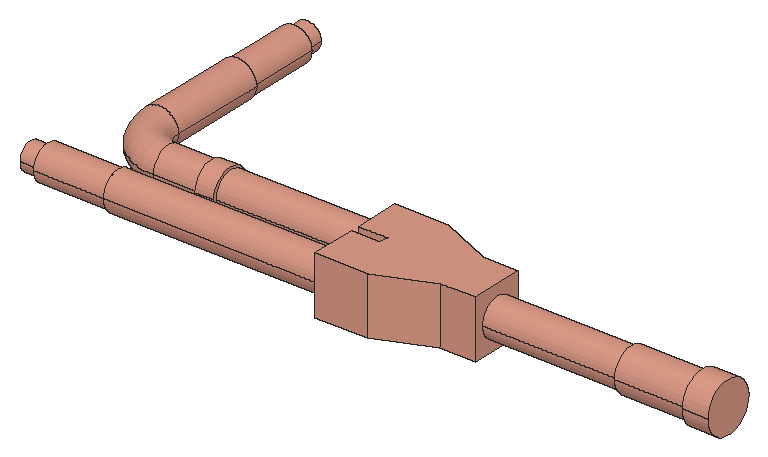
Revit family "outputfile", category 配管付属品, Revit 2024
Family settings
  丸型コネクタ寸法 = 半径を使用
  パーツ タイプ = 標準
  OmniClass 番号 = 23.65.55.00
  OmniClass タイトル = Distribution of Supplied Liquids/Gases
  作業面ベース = いいえ
  常に垂直 = はい
  ロード時にボイドで切り取り = いいえ
  共有 = いいえ
Parameters (values of type "BHFP22MA84_(2)")
  Description = ""
  製造元 = "Daikin"
  書き出し IFC クラス(タイプ) = "IfcPipeFittingType"
  Default Elevation = 0.0 mm
  定義済み IFC タイプ(タイプ) = "JUNCTION"
  Cost = 0
  モデル = "BHFP22MA84_(2)"
  Type Comments = ""
  Keynote = ""
  Type Image = (empty or 0)
  Assembly Code = ""
  table_PipeToCU_B [instance] = if(mm⇔inch, "Multi Module Kit_BHFP22MA-_Liquid_PipeToCU_B", "Multi Module Kit_BHFP22MA-_Liquid_PipeToCU_B_inch")  # "Multi Module Kit_BHFP22MA-_Liquid_PipeToCU_B"
  table_PipeToCU_A [instance] = if(mm⇔inch, "Multi Module Kit_BHFP22MA-_Liquid_PipeToCU_A", "Multi Module Kit_BHFP22MA-_Liquid_PipeToCU_A_inch")  # "Multi Module Kit_BHFP22MA-_Liquid_PipeToCU_A"
  table_ToMainPipe [instance] = if(mm⇔inch, "Multi Module Kit_BHFP22MA-_Liquid_ToMainPipe", "Multi Module Kit_BHFP22MA-_Liquid_ToMainPipe_inch")  # "Multi Module Kit_BHFP22MA-_Liquid_ToMainPipe"
  switch_ToMainPipe3 [instance] = if(number_ToMainPipe < 3, 1 = 0, 1 = 1)  # no
  switch_PipeToCU_B Reducer [instance] = if(and(Is_PipeToCU_B Reducer = 1, judge_IsOffsetPipe_ToOutdoorUnitB = 0), 1 = 1, 1 = 0)  # no
  switch_PipeToCU_B4 [instance] = if(number_PipeToCU_B < 4, 1 = 0, 1 = 1)  # no
  switch_PipeToCU_B3 [instance] = if(number_PipeToCU_B < 3, 1 = 0, 1 = 1)  # no
  switch_PipeToCU_B2 [instance] = if(number_PipeToCU_B < 2, 1 = 0, 1 = 1)  # yes
  switch_PipeToCU_A Reducer [instance] = if(Is_PipeToCU_A Reducer = 1, 1 = 1, 1 = 0)  # yes
  switch_ToMainPipe Reducer [instance] = if(Is_ToMainPipe Reducer = 1, 1 = 1, 1 = 0)  # no
  switch_ToMainPipe2 [instance] = if(number_ToMainPipe < 2, 1 = 0, 1 = 1)  # yes
  r_PipeToCU_B_ActualDiameter [instance] = PipeToCU_B_Liquid_ActualDiameter / 2  # 4.75 mm
  r_PipeToCU_A_ActualDiameter [instance] = PipeToCU_A_Liquid_ActualDiameter / 2  # 4.75 mm
  r_ToMainPipe_ActualDiameter [instance] = ToMainPipe_Liquid_ActualDiameter / 2  # 9.55 mm
  number_PipeToCU_B ReducerPipe [instance] = size_lookup(table_PipeToCU_B, "reducerPipeNumber", 0, モデル, judge_IsOffsetPipe_ToOutdoorUnitB, PipeToCU_B_Liquid_ActualDiameter)  # 0
  number_PipeToCU_B [instance] = size_lookup(table_PipeToCU_B, "pipeNumber", 2, モデル, judge_IsOffsetPipe_ToOutdoorUnitB, PipeToCU_B_Liquid_ActualDiameter)  # 2
  number_PipeToCU_A ReducerPipe [instance] = size_lookup(table_PipeToCU_A, "reducerPipeNumber", 3, モデル, PipeToCU_A_Liquid_ActualDiameter)  # 3
  number_ToMainPipe [instance] = size_lookup(table_ToMainPipe, "pipeNumber", 3, モデル, ToMainPipe_Liquid_ActualDiameter)  # 2
  mm⇔inch [instance] = yes
  l_ToMainPipe3 [instance] = size_lookup(table_ToMainPipe, "L_Pipe3", 11.0 mm, モデル)  # 2.0 mm
  judge_IsOffsetPipe_ToOutdoorUnitB [instance] = 0  # constant formula
  Unit Type = "BHFP22MA-_Liquid"
  Uniclass2015Version = "Products v1.31"
  Uniclass2015Title = "Copper pipe fittings"
  Uniclass2015Code = "Pr_65_52_63_18"
  URL = ""
  ToMainPipe_Liquid_Status [instance] = size_lookup(table_ToMainPipe, "Information", "The connected pipe size is not available.", モデル, ToMainPipe_Liquid_ActualDiameter)  # "Default connector size is used."
  ToMainPipe_Liquid_ActualDiameter [instance] = 19.1 mm
  Tag No. [instance] = ""
  Series = "Multi Module kit"
  PipeToCU_B_Liquid_Status [instance] = size_lookup(table_PipeToCU_B, "Information", "The connected pipe size is not available.", モデル, judge_IsOffsetPipe_ToOutdoorUnitB, PipeToCU_B_Liquid_ActualDiameter)  # "Default connector size is used."
  PipeToCU_B_Liquid_ActualDiameter [instance] = 9.5 mm
  PipeToCU_A_Liquid_Status [instance] = size_lookup(table_PipeToCU_A, "Information", "The connected pipe size is not available.", モデル, PipeToCU_A_Liquid_ActualDiameter)  # "Reducer is used at connector."
  PipeToCU_A_Liquid_ActualDiameter [instance] = 9.5 mm
  O.D_PipeToCU_B Reducer [instance] = size_lookup(table_PipeToCU_B, "O.D_reducer", 2.0 mm, モデル, judge_IsOffsetPipe_ToOutdoorUnitB, PipeToCU_B_Liquid_ActualDiameter)  # 2.0 mm
  Material_Piping = DAIKIN_Copper_Pipe
  Material_Insulation = DAIKIN_White_Insulation
  location_PipeToCU_A connector [instance] = size_lookup(table_PipeToCU_A, "Locationconnector", 107.0 mm, モデル, PipeToCU_A_Liquid_ActualDiameter)  # 107.0 mm
  l_PipeToCU_B connector [instance] = size_lookup(table_PipeToCU_B, "Length", 128.0 mm, モデル, judge_IsOffsetPipe_ToOutdoorUnitB, PipeToCU_B_Liquid_ActualDiameter)  # 128.0 mm
  l_PipeToCU_B Reducer [instance] = 80.0 mm  # constant formula
  l_PipeToCU_B4 [instance] = size_lookup(table_PipeToCU_B, "L_Pipe4", 2.0 mm, モデル)  # 2.0 mm
  l_PipeToCU_B3 [instance] = size_lookup(table_PipeToCU_B, "L_Pipe3", 2.0 mm, モデル)  # 2.0 mm
  l_PipeToCU_B2 [instance] = size_lookup(table_PipeToCU_B, "L_Pipe2", 7.0 mm, モデル)  # 7.0 mm
  l_PipeToCU_B1 [instance] = size_lookup(table_PipeToCU_B, "L_Pipe1", 30.0 mm, モデル)  # 30.0 mm
  l_PipeToCU_B0 [instance] = size_lookup(table_PipeToCU_B, "L_Pipe0", 91.0 mm, モデル)  # 91.0 mm
  l_PipeToCU_A connector [instance] = size_lookup(table_PipeToCU_A, "Length", 97.0 mm, モデル, PipeToCU_A_Liquid_ActualDiameter)  # 97.0 mm
  l_PipeToCU_A1 [instance] = size_lookup(table_PipeToCU_A, "L_Pipe1", 8.0 mm, モデル)  # 8.0 mm
  l_PipeToCU_A0 [instance] = size_lookup(table_PipeToCU_A, "L_Pipe0", 62.0 mm, モデル)  # 62.0 mm
  l_ToMainPipe connector [instance] = size_lookup(table_ToMainPipe, "Length", 128.0 mm, モデル, ToMainPipe_Liquid_ActualDiameter)  # 98.0 mm
  l_ToMainPipe Reducer [instance] = size_lookup(table_ToMainPipe, "L_Reducer", 2.0 mm, モデル, ToMainPipe_Liquid_ActualDiameter)  # 2.0 mm
  l_ToMainPipe2 [instance] = size_lookup(table_ToMainPipe, "L_Pipe2", 30.0 mm, モデル)  # 11.0 mm
  l_ToMainPipe1 [instance] = size_lookup(table_ToMainPipe, "L_Pipe1", 30.0 mm, モデル)  # 30.0 mm
  l_ToMainPipe0 [instance] = size_lookup(table_ToMainPipe, "L_Pipe0", 57.0 mm, モデル)  # 57.0 mm
  judge_JointType(1or2) = 2
  count_PipeToCU_B Reducer [instance] = 0  # constant formula
  count_PipeToCU_A Reducer [instance] = size_lookup(table_PipeToCU_A, "reducerCount", 1, モデル, PipeToCU_A_Liquid_ActualDiameter)  # 1
  angle_PipeToCU_A Pipe [instance] = if([RotateBranchPipetoCU_A_-90°], 270.00°, 0.00°)  # 0.00°
  angle_PipeToCU_A Connector [instance] = angle_PipeToCU_A Pipe + 90.00°  # 90.00°
  PipeToCU_B_Liquid_AvailableDiameter [instance] = size_lookup(table_PipeToCU_B, "sizeVariation", "", モデル, judge_IsOffsetPipe_ToOutdoorUnitB)  # "9.5/12.7mm"
  PipeToCU_A_Liquid_AvailableDiameter [instance] = size_lookup(table_PipeToCU_A, "sizeVariation", "", モデル)  # "9.5/12.7mm"
  ToMainPipe_Liquid_AvailableDiameter [instance] = size_lookup(table_ToMainPipe, "sizeVariation", "", モデル)  # "15.9/19.1mm"
  RotateBranchPipetoCU_A_-90° [instance] = no
  O.D_ToMainPipe Reducer [instance] = size_lookup(table_ToMainPipe, "O.D_reducer", 2.0 mm, モデル, ToMainPipe_Liquid_ActualDiameter)  # 2.0 mm
  Link_Nested Family [instance] = ""
  Is_PipeToCU_B Reducer [instance] = size_lookup(table_PipeToCU_B, "IsReducer", 0, モデル, judge_IsOffsetPipe_ToOutdoorUnitB, PipeToCU_B_Liquid_ActualDiameter)  # 0
  Is_PipeToCU_A Reducer [instance] = size_lookup(table_PipeToCU_A, "IsReducer", 1, モデル, PipeToCU_A_Liquid_ActualDiameter)  # 1
  Is_ToMainPipe Reducer [instance] = size_lookup(table_ToMainPipe, "IsReducer", 0, モデル, ToMainPipe_Liquid_ActualDiameter)  # 0
  IfcVersion = ""
  IfcExportType = "JUNCTION"
  IfcExportAs = "IfcPipeFittingType"
  I.D_ToMainPipe3 [instance] = size_lookup(table_ToMainPipe, "I.D_PipeSize3", 22.2 mm, モデル)  # 2.0 mm
  I.D_PipeToCU_B Reducer [instance] = size_lookup(table_PipeToCU_B, "I.D_reducer", 2.0 mm, モデル, judge_IsOffsetPipe_ToOutdoorUnitB, PipeToCU_B_Liquid_ActualDiameter)  # 2.0 mm
  Attach_Insulation [instance] = no
  I.D_PipeToCU_B4 [instance] = size_lookup(table_PipeToCU_B, "I.D_PipeSize4", 2.0 mm, モデル)  # 2.0 mm
  I.D_PipeToCU_B3 [instance] = size_lookup(table_PipeToCU_B, "I.D_PipeSize3", 2.0 mm, モデル)  # 2.0 mm
  I.D_PipeToCU_B2 [instance] = size_lookup(table_PipeToCU_B, "I.D_PipeSize2", 9.5 mm, モデル)  # 9.5 mm
  I.D_PipeToCU_B1 [instance] = size_lookup(table_PipeToCU_B, "I.D_PipeSize1", 12.7 mm, モデル)  # 12.7 mm
  I.D_PipeToCU_B0 [instance] = size_lookup(table_PipeToCU_B, "I.D_PipeSize0", 13.9 mm, モデル)  # 13.9 mm
  I.D_PipeToCU_A1 [instance] = 15.5 mm  # constant formula
  I.D_PipeToCU_A0 [instance] = 13.9 mm  # constant formula
  I.D_ToMainPipe Reducer [instance] = size_lookup(table_ToMainPipe, "I.D_reducer", 2.0 mm, モデル, ToMainPipe_Liquid_ActualDiameter)  # 2.0 mm
  I.D_ToMainPipe2 [instance] = size_lookup(table_ToMainPipe, "I.D_PipeSize2", 19.1 mm, モデル)  # 19.1 mm
  I.D_ToMainPipe1 [instance] = size_lookup(table_ToMainPipe, "I.D_PipeSize1", 15.9 mm, モデル)  # 15.9 mm
  I.D_ToMainPipe0 [instance] = size_lookup(table_ToMainPipe, "I.D_PipeSize0", 13.9 mm, モデル)  # 13.9 mm
Reference planes
  plane 1 "Center (Front/Back)": y = 0
  plane 2: z = 0
  plane 3 "pipe2": x = 225.65
  plane 4: x = 214.65
  plane 5: x = 184.65
  plane 6: x = 127.65
  plane 7: x = 67.65
  plane 8: x = -2.35
  plane 9: x = -23.35
  plane 10: x = -53.35
  plane 11: x = -60.35
  plane 12: x = -62.35
  plane 13: x = -64.35
  plane 14 "offset_center": y = 11.5
  plane 15: y = -11.5
  plane 16: x = 5.65
  plane 17: x = 177.65
  plane 18 "ToMainPipe_connector": x = 225.65
  plane 19 "connector_OutdoorunitA": x = -39.35
  plane 20 "connector_ToOutdoorUnitB": x = -104.35
  plane 21 "pipe3": x = 227.65
  plane 22 "connector_PipeToCU_B": x = -60.35
Forms (mm)
  Extrusion 1, solid, material "DAIKIN_Copper_Pipe" <- "Material_Piping"
    sketch origin (0, 0, 0) x (1, 0, 0) y (0, 1, 0)
      loop
        line (67.65, 1.998) -> (79.65, 1.998) -> (79.65, -1.998) -> (67.65, -1.998) -> (67.65, -21.2) -> (89.801, -21.2) -> (112.65, -11.3) -> (127.65, -11.3) -> (127.65, 11.3) -> (112.65, 11.3) -> (89.801, 21.2) -> (67.65, 21.2) -> (67.65, 1.998)
    from -12.2 to 12.2
Dimensions and locks
  locked: plane 6 to plane 17 at 50
  "l_PipeToCU_A1": plane 8 to plane 16
  "l_PipeToCU_B1": plane 10 to plane 9
  "l_PipeToCU_B2": plane 11 to plane 10
  "l_PipeToCU_B3": plane 12 to plane 11
  "l_PipeToCU_B4": plane 13 to plane 12
  locked: plane 7 to plane 6 at 60
  "l_ToMainPipe1": plane 5 to plane 4
  "l_ToMainPipe2": plane 4 to plane 3 "pipe2"
  "l_ToMainPipe0": plane 6 to plane 5
  "l_ToMainPipe connector": plane 6 to plane 18 "ToMainPipe_connector"
  plane 14 "offset_center" to plane 1 "Center (Front/Back)" to plane 15 = 11.5 mm locked, 11.5 mm locked
  locked: plane 1 "Center (Front/Back)" to Extrusion 1 sketch curve at 11.3  (x2)
  locked: Extrusion 1 sketch curve to plane 1 "Center (Front/Back)" at 21.2
  locked: plane 1 "Center (Front/Back)" to Extrusion 1 sketch curve at 21.2
  "l_PipeToCU_A0": plane 16 to plane 7
  "location_PipeToCU_A connector": plane 19 "connector_OutdoorunitA" to plane 7
  "l_PipeToCU_B0": plane 9 to plane 7
  "l_ToMainPipe3": plane 3 "pipe2" to plane 21 "pipe3"
  "l_PipeToCU_B connector": plane 22 "connector_PipeToCU_B" to plane 7
  aligned and locked: level to plane 2
  aligned and locked: plane 2 to nested 1
  aligned and locked: plane 1 "Center (Front/Back)" to nested 1
  aligned and locked: plane 3 "pipe2" to nested 1
  aligned and locked: plane 4 to nested 1
  aligned and locked: plane 4 to nested 2
  aligned and locked: plane 5 to nested 2
  aligned and locked: plane 5 to nested 3
  aligned and locked: plane 6 to nested 3
  aligned and locked: plane 6 to Extrusion 1
  aligned and locked: Extrusion 1 to plane 7  (x2)
  aligned and locked: plane 7 to nested 4
  aligned and locked: plane 8 to nested 5
  aligned and locked: plane 16 to nested 5
  aligned and locked: nested 5 to plane 14 "offset_center"
  aligned and locked: nested 6 to plane 15
  aligned and locked: plane 7 to nested 6
  aligned and locked: plane 9 to nested 6
  aligned and locked: plane 10 to nested 7
  aligned and locked: plane 9 to nested 7
  aligned and locked: plane 11 to nested 8
  aligned and locked: plane 10 to nested 8
  aligned and locked: plane 12 to nested 9
  aligned and locked: plane 11 to nested 9
  aligned and locked: plane 13 to nested 10
  aligned and locked: plane 12 to nested 10
  aligned and locked: nested 10 to plane 15
  aligned and locked: nested 9 to plane 15
  aligned and locked: nested 8 to plane 15
  aligned and locked: nested 7 to plane 15
  aligned and locked: plane 1 "Center (Front/Back)" to nested 11
  aligned and locked: plane 17 to nested 11
  aligned and locked: plane 16 to nested 4
  aligned and locked: nested 12 to plane 14 "offset_center"
  aligned and locked: plane 8 to nested 12
  aligned and locked: plane 1 "Center (Front/Back)" to nested 13
  aligned and locked: plane 18 "ToMainPipe_connector" to nested 13
  aligned and locked: plane 6 to nested 14
  aligned and locked: plane 1 "Center (Front/Back)" to nested 3
  aligned and locked: plane 14 "offset_center" to nested 15
  aligned and locked: nested 15 to plane 19 "connector_OutdoorunitA"
  aligned and locked: nested 16 to plane 7
  aligned and locked: nested 4 to plane 14 "offset_center"
  aligned and locked: plane 3 "pipe2" to nested 17
  aligned and locked: plane 21 "pipe3" to nested 17
  aligned and locked: nested 16 to plane 15
  aligned and locked: nested 18 to plane 22 "connector_PipeToCU_B"
  aligned and locked: plane 15 to nested 18
Automatic sketch dimensions
  Extrusion 1 sketch curve to plane 7 = 0.0 mm  (x2)
  Extrusion 1 sketch curve to plane 6 = 0.0 mm
  Extrusion 1 sketch curve to plane 1 "Center (Front/Back)" = 1.998 mm
  plane 7 to Extrusion 1 sketch curve = 12.0 mm
  Extrusion 1 sketch curve to Extrusion 1 sketch curve = 10.151 mm  (x2)
  Extrusion 1 sketch curve to Extrusion 1 sketch curve = 15.0 mm  (x2)
  plane 1 "Center (Front/Back)" to Extrusion 1 sketch curve = 1.998 mm
Nested families
  nested 1: "daikin_Pipe" at (220.15, 0, 0), I.D_Pipe <- "I.D_ToMainPipe2", display <- "switch_ToMainPipe2", type "*"
    with length_Pipe 11.0 mm, display yes, O.D_Pipe 21.1 mm, I.D_Pipe 19.1 mm
  nested 2: "daikin_Pipe" at (199.65, 0, 0), I.D_Pipe <- "I.D_ToMainPipe1", type "*"
    with length_Pipe 30.0 mm, display yes, O.D_Pipe 17.9 mm, I.D_Pipe 15.9 mm
  nested 3: "daikin_Pipe" at (156.15, 0, 0), I.D_Pipe <- "I.D_ToMainPipe0", type "*"
    with length_Pipe 57.0 mm, display yes, O.D_Pipe 15.9 mm, I.D_Pipe 13.9 mm
  nested 4: "daikin_Pipe" at (36.65, 11.5, 0), I.D_Pipe <- "I.D_PipeToCU_A0", type "*"
    with length_Pipe 62.0 mm, display yes, O.D_Pipe 15.9 mm, I.D_Pipe 13.9 mm
  nested 5: "daikin_Pipe" at (1.65, 11.5, 0), I.D_Pipe <- "I.D_PipeToCU_A1", type "*"
    with length_Pipe 8.0 mm, display yes, O.D_Pipe 17.5 mm, I.D_Pipe 15.5 mm
  nested 6: "daikin_Pipe" at (22.15, -11.5, 0), I.D_Pipe <- "I.D_PipeToCU_B0", type "*"
    with length_Pipe 91.0 mm, display yes, O.D_Pipe 15.9 mm, I.D_Pipe 13.9 mm
  nested 7: "daikin_Pipe" at (-38.35, -11.5, 0), I.D_Pipe <- "I.D_PipeToCU_B1", type "*"
    with length_Pipe 30.0 mm, display yes, O.D_Pipe 14.7 mm, I.D_Pipe 12.7 mm
  nested 8: "daikin_Pipe" at (-56.85, -11.5, 0), I.D_Pipe <- "I.D_PipeToCU_B2", display <- "switch_PipeToCU_B2", type "*"
    with length_Pipe 7.0 mm, display yes, O.D_Pipe 11.5 mm, I.D_Pipe 9.5 mm
  nested 9: "daikin_Pipe" at (-61.35, -11.5, 0), display <- "switch_PipeToCU_B3", I.D_Pipe <- "I.D_PipeToCU_B3", visible <- "switch_PipeToCU_B3", type "*"
    with length_Pipe 2.0 mm, display no, O.D_Pipe 4.0 mm, I.D_Pipe 2.0 mm
  nested 10: "daikin_Pipe" at (-63.35, -11.5, 0), display <- "switch_PipeToCU_B4", I.D_Pipe <- "I.D_PipeToCU_B4", visible <- "switch_PipeToCU_B4", type "*"
    with length_Pipe 2.0 mm, display no, O.D_Pipe 4.0 mm, I.D_Pipe 2.0 mm
  nested 11: "daikin_MultiModeluKit_Insulation" at (177.65, 0, 0), display <- "Attach_Insulation", type "*"
    with h 54.2 mm, display no, I.D_Outlet PipeSize 22.2 mm
  nested 12: "daikin_Multi Module kit_Reducer90_rotate" at (-2.35, 11.5, 0), number_reducerPipe <- "number_PipeToCU_A ReducerPipe", angle_Pipe <- "angle_PipeToCU_A Pipe", I.D_Pipe <- "PipeToCU_A_Liquid_ActualDiameter", count_Reducer <- "count_PipeToCU_A Reducer", type "*"
    with number_reducerPipe 3, display_Pipe2 yes, display_Pipe1 yes, count_Reducer 1, angle_Pipe 0.00°, I.D_Pipe 9.5 mm
  nested 13: "daikin_Pipe_reducer" at (224.65, 0, 0), I.D_Pipe1 <- "I.D_ToMainPipe Reducer", O.D_Pipe2 <- "O.D_ToMainPipe Reducer", length_Pipe <- "l_ToMainPipe Reducer", display <- "switch_ToMainPipe Reducer", type "*"
    with length_Pipe 2.0 mm, display no, O.D_Pipe2 2.0 mm, O.D_Pipe1 4.0 mm, I.D_Pipe2 0.0 mm, I.D_Pipe1 2.0 mm
  nested 14: "daikin_connector_rotate3" at (127.65, 0, 0) x (0, 1, 0) z (0, 0, 1), length <- "l_ToMainPipe connector", type "daikin_connector_rotate3"
    with radius 10.0 mm, length 98.0 mm, angle_vertical 90.00°, angle_horizontal 0.00°
  nested 15: "daikin_connector_rotate3" at (-39.35, 11.5, 0) x (-1, 0, 0) z (0, 0, 1), length <- "l_PipeToCU_A connector", angle_vertical <- "angle_PipeToCU_A Connector", type "daikin_connector_rotate3"
    with radius 10.0 mm, length 97.0 mm, angle_vertical 90.00°, angle_horizontal 0.00°
  nested 16: "daikin_connector_rotate3" at (67.65, -11.5, 0) x (0, -1, 0) z (0, 0, 1), length <- "l_PipeToCU_B connector", type "daikin_connector_rotate3"
    with radius 10.0 mm, length 128.0 mm, angle_vertical 90.00°, angle_horizontal 0.00°
  nested 17: "daikin_Pipe" at (226.65, 0, 0), display <- "switch_ToMainPipe3", I.D_Pipe <- "I.D_ToMainPipe3", type "*"
    with length_Pipe 2.0 mm, display no, O.D_Pipe 4.0 mm, I.D_Pipe 2.0 mm
  nested 18: "daikin_Pipe_reducer" at (-20.35, -11.5, 0) x (-1, 0, 0) z (0, 0, 1), length_Pipe <- "l_PipeToCU_B Reducer", I.D_Pipe1 <- "I.D_PipeToCU_B Reducer", O.D_Pipe2 <- "O.D_PipeToCU_B Reducer", display <- "switch_PipeToCU_B Reducer", type "*"
    with length_Pipe 80.0 mm, display no, O.D_Pipe2 2.0 mm, O.D_Pipe1 4.0 mm, I.D_Pipe2 0.0 mm, I.D_Pipe1 2.0 mm
Connectors
  piping at (225.65, 0, 0), diameter 19.1, driven by "r_ToMainPipe_ActualDiameter"
    settings: on nested 14, index 1, connector inside diameter 609.6 mm, connector length 0.0 mm, flow factor 0, pipe flow 0.00 m³/h, pressure drop 0.0 Pa, fitting loss kfactor 0, connector angle 0.00°, fixture units 0, engagement length 0.0 mm, angle of deflection 0.00°, flow configuration 0, flow direction 2, fitting loss method 0, system type 29, joint type 0, gender type 0, connector reference index -1, connector utility 0, adjustable connector no, is connector primary yes, connector description "Multi Module kit_to Main Pipe_Liquid"
  piping at (-39.35, 108.5, 0), diameter 9.5, driven by "r_PipeToCU_A_ActualDiameter"
    settings: on nested 15, index 2, connector inside diameter 609.6 mm, connector length 0.0 mm, flow factor 0, pipe flow 0.00 m³/h, pressure drop 0.0 Pa, fitting loss kfactor 0, connector angle 0.00°, fixture units 0, engagement length 0.0 mm, angle of deflection 0.00°, flow configuration 0, flow direction 1, fitting loss method 0, system type 29, joint type 0, gender type 0, connector reference index -1, connector utility 0, adjustable connector no, is connector primary no, connector description "Multi Module kit_Piping to CU-A_Liquid"
  piping at (-60.35, -11.5, 0), diameter 9.5, driven by "r_PipeToCU_B_ActualDiameter"
    settings: on nested 16, index 3, connector inside diameter 609.6 mm, connector length 0.0 mm, flow factor 0, pipe flow 0.00 m³/h, pressure drop 0.0 Pa, fitting loss kfactor 0, connector angle 0.00°, fixture units 0, engagement length 0.0 mm, angle of deflection 0.00°, flow configuration 0, flow direction 1, fitting loss method 0, system type 29, joint type 0, gender type 0, connector reference index -1, connector utility 0, adjustable connector no, is connector primary no, connector description "Multi Module kit_Piping to CU-B_Liquid"
Definition of nested family "daikin_Pipe"
  Parameters (values of type "*")
    Default Elevation = 0.0 mm
    material = none
    length_Pipe [instance] = 150.0 mm
    display [instance] = yes
    O.D_Pipe [instance] = I.D_Pipe + 2.0 mm  # 27.0 mm
    I.D_Pipe [instance] = 25.0 mm
  Reference planes
    plane 1 "Center (Front/Back)": y = 0
    plane 2 "center(vertical)": z = 0
    plane 3 "Center (Left/Right)": x = 0
    plane 4 "left": x = -75
    plane 5 "right": x = 75
  Forms (mm)
    Extrusion 1, solid, material <- "material", visible <- "display"
      sketch origin (0, 0, 0) x (0, 1, 0) y (0, 0, 1)
        loop
          circle (0, 0) r 13.5
      from -75 to 75
  Dimensions and locks
    equal spacing: plane 4 "left", plane 3 "Center (Left/Right)", plane 5 "right"
    "length_Pipe": plane 4 "left" to plane 5 "right"
    "O.D_Pipe": diameter of Extrusion 1 sketch curve
    aligned and locked: level to plane 2 "center(vertical)"
    aligned and locked: plane 2 "center(vertical)" to Extrusion 1 sketch curve
    aligned and locked: plane 1 "Center (Front/Back)" to Extrusion 1 sketch curve
    aligned and locked: plane 5 "right" to Extrusion 1
    aligned and locked: Extrusion 1 to plane 4 "left"
Definition of nested family "daikin_Multi Module kit_Reducer90_rotate"
  Parameters (values of type "*")
    Default Elevation = 0.0 mm
    number_reducerPipe [instance] = 4
    material_Pipe = none
    display_Pipe2 [instance] = if(number_reducerPipe < 3, 1 = 0, 1 = 1)  # yes
    display_Pipe1 [instance] = if(number_reducerPipe < 2, 1 = 0, 1 = 1)  # yes
    count_Reducer [instance] = 0
    angle_Pipe [instance] = 30.00°
    I.D_Pipe [instance] = 0.0 mm
  Reference planes
    plane 1 "Center (Front/Back)": y = 0
    plane 2: z = 0
    plane 3 "Center (Left/Right)": x = 0
  Dimensions and locks
    "angle_Pipe": angle plane 2 to nested 1
    aligned and locked: level to plane 2
  Nested families
    nested 1: "daikin_Multi Module kit_Reducer90" at (0, 0, 0) x (1, 0, 0) z (0, -0.5, 0.866), display_Pipe2 <- "display_Pipe2", display_Pipe1 <- "display_Pipe1", I.D_connector <- "I.D_Pipe", count_Reducer <- "count_Reducer", type "*"
      with display_Reducer no, display_Pipe2 yes, display_Pipe1 yes, count_Reducer 0, I.D_connector 0.0 mm
  Definition of nested family "daikin_Multi Module kit_Reducer90"
    Parameters (values of type "*")
      Default Elevation = 0.0 mm
      material_Pipe = none
      display_Reducer [instance] = and(I.D_connector = 19.1 mm, count_Reducer = 2)  # no
      display_Pipe2 [instance] = yes
      display_Pipe1 [instance] = yes
      count_Reducer [instance] = 0
      O.D_Pipe2 = 9.5 mm + 2.0 mm  # 11.5 mm
      O.D_Pipe1 = 12.7 mm + 2.0 mm  # 14.7 mm
      O.D_Pipe0 = 15.9 mm  # constant formula
      I.D_connector [instance] = 0.0 mm
    Reference planes
      plane 1 "Center (Front/Back)": y = 0
      plane 2 "center_vertical": z = 0
      plane 3 "Center (Left/Right)": x = 0
      plane 4 "center_toOutdoor": x = -37
      plane 5: y = 60
      plane 6: y = 90
      plane 7: y = 97
    Forms (mm)
      Sweep 1, solid, material <- "material_Pipe"
        path origin (0, 0, 0) x (1, 0, 0) y (0, 1, 0)
          loop
            line (0, 0) -> (-18.241, 0)
            arc (-18.241, 0) -> (-31.506, 5.494) -> (-37, 18.759) r 18.759
            line (-37, 18.759) -> (-37, 60)
        profile origin (-9.12, 0, 0) x (0, -1, 0) y (0, 0, 1)
          loop
            circle (0, 0) r 7.95
      Extrusion 2, solid, material <- "material_Pipe", visible <- "display_Pipe1"
        sketch origin (0, 0, 0) x (1, 0, 0) y (0, 0, 1)
          loop
            circle (-37, 0) r 7.35
        from -90 to -60
      Extrusion 3, solid, material <- "material_Pipe", visible <- "display_Pipe2"
        sketch origin (75, -2.05, 0) x (1, 0, 0) y (0, 0, 1)
          loop
            circle (-112, 0) r 5.75
        from -99.05 to -92.05
    Lines and regions (mm)
      reference lines
        curve 1: line (0, 0, 0) -> (-37, 0, 0)
    Dimensions and locks
      plane 1 "Center (Front/Back)" to plane 5 = 60.0 mm
      plane 6 to plane 5 = 30.0 mm
      plane 7 to plane 6 = 7.0 mm
      plane 4 "center_toOutdoor" to plane 3 "Center (Left/Right)" = 37.0 mm
      "O.D_Pipe2": diameter of Extrusion 3 sketch curve
      "O.D_Pipe0": diameter of Sweep 1 sketch curve
      "O.D_Pipe1": diameter of Extrusion 2 sketch curve
      aligned and locked: level to plane 2 "center_vertical"
      aligned and locked: plane 6 to Extrusion 2
      aligned and locked: Extrusion 2 to plane 5
      aligned and locked: Extrusion 3 to plane 6
      aligned and locked: Sweep 1 sketch curve to plane 1 "Center (Front/Back)"
      aligned and locked: plane 3 "Center (Left/Right)" to curve 1
      aligned and locked: curve 1 to plane 1 "Center (Front/Back)"
      aligned and locked: plane 7 to Extrusion 3
      aligned and locked: plane 6 to nested 1
      aligned and locked: plane 4 "center_toOutdoor" to nested 1
    Automatic sketch dimensions
      Sweep 1 sketch curve to plane 4 "center_toOutdoor" = 0.0 mm
      Sweep 1 sketch curve to plane 3 "Center (Left/Right)" = 0.0 mm
      Sweep 1 sketch curve to plane 5 = 0.0 mm
      Sweep 1 sketch curve to plane 3 "Center (Left/Right)" = 18.241 mm
      curve 1 to plane 4 "center_toOutdoor" = 0.0 mm
      Sweep 1 sketch curve to level = 0.0 mm
      Sweep 1 sketch curve to profile plane = 0.0 mm
      Extrusion 2 sketch curve to level = 0.0 mm
      Extrusion 2 sketch curve to plane 4 "center_toOutdoor" = 0.0 mm
      Extrusion 3 sketch curve to level = 0.0 mm
      Extrusion 3 sketch curve to plane 4 "center_toOutdoor" = 0.0 mm
    Nested families
      nested 1: "daikin_Pipe_reducer" at (-37, 130, 0) x (0, 1, 0) z (0, 0, 1), display <- "display_Reducer", type "*"
        with length_Pipe 80.0 mm, display no, O.D_Pipe2 12.7 mm, O.D_Pipe1 21.1 mm, I.D_Pipe2 10.7 mm, I.D_Pipe1 19.1 mm
    Definition of nested family "daikin_Pipe_reducer"
      Parameters (values of type "*")
        Default Elevation = 0.0 mm
        material = none
        length_Pipe [instance] = 250.0 mm
        display [instance] = yes
        O.D_Pipe2 [instance] = 19.1 mm
        O.D_Pipe1 [instance] = I.D_Pipe1 + 2.0 mm  # 24.2 mm
        I.D_Pipe2 [instance] = O.D_Pipe2 - 2.0 mm  # 17.1 mm
        I.D_Pipe1 [instance] = 22.2 mm
      Reference planes
        plane 1 "Center (Front/Back)": y = 0
        plane 2 "center(vertical)": z = 0
        plane 3 "Center (Left/Right)": x = 0
        plane 4 "connection": x = -125
        plane 5 "right": x = 113
        plane 6: x = 125
      Forms (mm)
        Extrusion 1, solid, material <- "material", visible <- "display"
          sketch origin (0, 0, 0) x (0, 1, 0) y (0, 0, 1)
            loop
              circle (0, 0) r 9.55
          from -125 to 113
        Extrusion 2, solid, material <- "material", visible <- "display"
          sketch origin (0, 0, 0) x (0, 1, 0) y (0, 0, 1)
            loop
              circle (0, 0) r 12.1
          from 113 to 125
      Dimensions and locks
        locked: plane 5 "right" to plane 6 at 12
        "length_Pipe": plane 4 "connection" to plane 6
        equal spacing: plane 4 "connection", plane 3 "Center (Left/Right)", plane 6
        "O.D_Pipe2": diameter of Extrusion 1 sketch curve
        "O.D_Pipe1": diameter of Extrusion 2 sketch curve
        aligned and locked: level to plane 2 "center(vertical)"
        aligned and locked: plane 2 "center(vertical)" to Extrusion 1 sketch curve
        aligned and locked: plane 1 "Center (Front/Back)" to Extrusion 1 sketch curve
        aligned and locked: plane 5 "right" to Extrusion 1
        aligned and locked: Extrusion 1 to plane 4 "connection"
        aligned and locked: plane 2 "center(vertical)" to Extrusion 2 sketch curve
        aligned and locked: plane 1 "Center (Front/Back)" to Extrusion 2 sketch curve
        aligned and locked: Extrusion 2 to plane 5 "right"
        aligned and locked: plane 6 to Extrusion 2
Definition of nested family "daikin_MultiModeluKit_Insulation"
  Parameters (values of type "*")
    Default Elevation = 0.0 mm
    Model = ""
    material = none
    h [instance] = (I.D_Outlet PipeSize + 2.0 mm) + 30.0 mm  # 47.0 mm
    display [instance] = yes
    I.D_Outlet PipeSize [instance] = 15.0 mm
  Reference planes
    plane 1 "Center (Front/Back)": y = 0
    plane 2: z = 0
    plane 3 "Left": x = 0
    plane 4 "top": z = 23.5
    plane 5 "bottom": z = -23.5
  Forms (mm)
    Extrusion 1, solid, material <- "material", visible <- "display"
      sketch origin (0, 0, 0) x (1, 0, 0) y (0, 1, 0)
        loop
          line (0, -22.3) -> (0, 22.3) -> (-101, 45.79) -> (-187, 45.79) -> (-187, 6.128) -> (-257, 10) -> (-257, -45.79) -> (-101, -45.79) -> (0, -22.3)
      from -23.5 to 23.5
  Dimensions and locks
    equal spacing: plane 4 "top", plane 2, plane 5 "bottom"
    "h": plane 4 "top" to plane 5 "bottom"
    equal spacing: Extrusion 1 sketch curve, plane 1 "Center (Front/Back)", Extrusion 1 sketch curve
    locked: Extrusion 1 sketch curve to plane 3 "Left" at 101  (x2)
    locked: Extrusion 1 sketch curve to plane 3 "Left" at 187
    locked: Extrusion 1 sketch curve to plane 3 "Left" at 257
    aligned and locked: level to plane 2
    aligned and locked: plane 3 "Left" to Extrusion 1
    aligned and locked: Extrusion 1 to plane 5 "bottom"
    aligned and locked: plane 4 "top" to Extrusion 1
  Automatic sketch dimensions
    Extrusion 1 sketch curve to plane 3 "Left" = 0.0 mm
    plane 1 "Center (Front/Back)" to Extrusion 1 sketch curve = 45.79 mm
    plane 1 "Center (Front/Back)" to Extrusion 1 sketch curve = 22.3 mm
    Extrusion 1 sketch curve to plane 1 "Center (Front/Back)" = 45.79 mm
    Extrusion 1 sketch curve to plane 1 "Center (Front/Back)" = 10.0 mm
    Extrusion 1 sketch curve to plane 1 "Center (Front/Back)" = 6.128 mm
Definition of nested family "daikin_Pipe_reducer"
  Parameters (values of type "*")
    Default Elevation = 0.0 mm
    material = none
    length_Pipe [instance] = 250.0 mm
    display [instance] = yes
    O.D_Pipe2 [instance] = 19.1 mm
    O.D_Pipe1 [instance] = I.D_Pipe1 + 2.0 mm  # 24.2 mm
    I.D_Pipe2 [instance] = O.D_Pipe2 - 2.0 mm  # 17.1 mm
    I.D_Pipe1 [instance] = 22.2 mm
  Reference planes
    plane 1 "Center (Front/Back)": y = 0
    plane 2 "center(vertical)": z = 0
    plane 3 "Center (Left/Right)": x = 0
    plane 4 "connection": x = -125
    plane 5 "right": x = 113
    plane 6: x = 125
  Forms (mm)
    Extrusion 1, solid, material <- "material", visible <- "display"
      sketch origin (0, 0, 0) x (0, 1, 0) y (0, 0, 1)
        loop
          circle (0, 0) r 9.55
      from -125 to 113
    Extrusion 2, solid, material <- "material", visible <- "display"
      sketch origin (0, 0, 0) x (0, 1, 0) y (0, 0, 1)
        loop
          circle (0, 0) r 12.1
      from 113 to 125
  Dimensions and locks
    locked: plane 5 "right" to plane 6 at 12
    "length_Pipe": plane 4 "connection" to plane 6
    equal spacing: plane 4 "connection", plane 3 "Center (Left/Right)", plane 6
    "O.D_Pipe2": diameter of Extrusion 1 sketch curve
    "O.D_Pipe1": diameter of Extrusion 2 sketch curve
    aligned and locked: level to plane 2 "center(vertical)"
    aligned and locked: plane 2 "center(vertical)" to Extrusion 1 sketch curve
    aligned and locked: plane 1 "Center (Front/Back)" to Extrusion 1 sketch curve
    aligned and locked: plane 5 "right" to Extrusion 1
    aligned and locked: Extrusion 1 to plane 4 "connection"
    aligned and locked: plane 2 "center(vertical)" to Extrusion 2 sketch curve
    aligned and locked: plane 1 "Center (Front/Back)" to Extrusion 2 sketch curve
    aligned and locked: Extrusion 2 to plane 5 "right"
    aligned and locked: plane 6 to Extrusion 2
Definition of nested family "daikin_connector_rotate3"
  Parameters (values of type "daikin_connector_rotate3")
    Default Elevation = 1219.2 mm
    show_face = no
    show_circle = no
    radius [instance] = 10.0 mm
    length [instance] = 600.0 mm
    angle_horizontal [instance] = 60.00°
    angle_vertical [instance] = 90.00°
  Reference planes
    plane 1 "Center (Front/Back)": y = 0
    plane 2: z = 0
    plane 3 "Center (Left/Right)": x = 0
  Dimensions and locks
    "angle_horizontal": angle plane 3 "Center (Left/Right)" to nested 1
    aligned and locked: level to plane 2
    aligned and locked: plane 1 "Center (Front/Back)" to nested 1  (x2)
    aligned and locked: plane 3 "Center (Left/Right)" to nested 1
  Nested families
    nested 1: "daikin_connector_rotate2" at (0, 0, 0) x (0.5, 0.866, 0) z (0, 0, 1), angle_vertical <- "angle_vertical", length <- "length", radius <- "radius", type "daikin_connector_rotate2"
      with radius 10.0 mm, length 600.0 mm, angle_vertical 90.00°, Default Elevation 0.0 mm, show_circle no
  Definition of nested family "daikin_connector_rotate2"
    Parameters (values of type "daikin_connector_rotate2")
      Default Elevation = 1219.2 mm
      show_face = no
      show_circle = yes
      radius [instance] = 10.0 mm
      length [instance] = 600.0 mm
      d_surface = 10.0 mm
      angle_vertical [instance] = 90.00°
    Reference planes
      plane 1 "Center (Front/Back)": y = 0
      plane 2: z = 0
      plane 3 "Center (Left/Right)": x = 0
    Forms (mm)
      Extrusion 1, solid, visible <- "show_face"
        sketch origin (0, -600, 0) x (1, 0, 0) y (0, 0, 1)
          loop
            circle (0, 0) r 10
        from 0 to -10
    Lines and regions (mm)
      reference lines
        curve 1: line (0, 0, 0) -> (0, -600, 0)
      symbolic lines, visible <- "show_circle"
        curve 2: circle (0, 0, 0) r 5 normal (0, 0, 1)
      model lines, visible <- "show_face"
        curve 3: line (0, 0, 0) -> (0, -600, 0)
    Dimensions and locks
      "length": curve 1 to curve 1
      "length": curve 3 to curve 3
      "d_surface": Extrusion 1 to Extrusion 1
      "radius": radius of Extrusion 1 sketch curve
      "angle_vertical": angle curve 1 to plane 1 "Center (Front/Back)"
      "angle_vertical": angle curve 3 to plane 1 "Center (Front/Back)"
      aligned and locked: level to plane 2
      aligned and locked: plane 1 "Center (Front/Back)" to curve 1
      aligned and locked: plane 2 to curve 1
      aligned and locked: plane 1 "Center (Front/Back)" to curve 2
      aligned and locked: plane 3 "Center (Left/Right)" to curve 2
      aligned and locked: plane 1 "Center (Front/Back)" to curve 3
      aligned and locked: plane 2 to curve 3
      aligned and locked: Extrusion 1 to Extrusion 1
    Automatic sketch dimensions
      Extrusion 1 sketch curve to level = 0.0 mm
      Extrusion 1 sketch curve to plane 3 "Center (Left/Right)" = 0.0 mm
      radius of curve 2 = 5.0 mm
